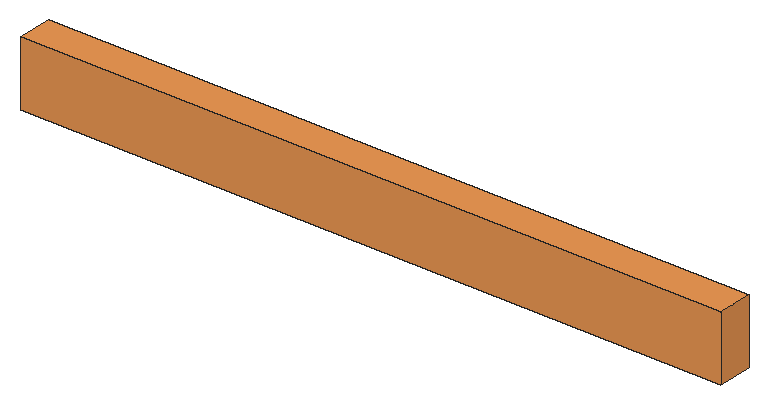
Revit family "BUS_Straight Length", category Electrical Equipment, Revit 2025
Family settings
  Panel Configuration = Two Columns, Circuits Across
  Round Connector Dimension = Use Diameter
  Part Type = Panelboard
  OmniClass Number = 23.80.30.11.17
  OmniClass Title = Distribution Boards and Control Panels
  Work Plane-Based = No
  Always vertical = Yes
  Cut with Voids When Loaded = No
  Maintain Annotation Orientation = No
  Shared = No
  Room Calculation Point = No
Parameters (values of type "1600A Cu 4P+PE")
  built-in parameter 1140142 [instance] = -1
  Section Length [instance] = 3000 mm
  Rated Current = "1600 A"
  built-in parameter 1140140 [instance] = 1 (stored number, unit not read)
  built-in parameter 1155100 [instance] = -1
  Default Elevation = 0 mm
  Conductor = "Cu, 4P+PE (3P+N+PE)"
  Busduct Width = 150 mm
  Busduct Height = 280 mm
Types (3, lengths in mm): name | Rated Current | Busduct Width | Busduct Height
  1600A Cu 4P+PE | "1600 A" | 150 | 280
  800A Cu 4P+PE | "800 A" | 130 | 200
  400A Cu 4P+PE | "400 A" | 110 | 140
Reference planes
  plane 1 "Center (Front/Back)": y = 0
  plane 2: z = 0
  plane 3 "Center (Left/Right)": x = 0
  plane 4 "End": x = 3000
  plane 5 "Front": y = -75
  plane 6 "Back": y = 75
  plane 7 "Bottom": z = -140
  plane 8 "Top": z = 140
Forms (mm)
  Extrusion 1, solid, material "Busduct Housing"
    sketch origin (0, 0, -140) x (1, 0, 0) y (0, 1, 0)
      loop
        line (0, -75) -> (3000, -75) -> (3000, 75) -> (0, 75) -> (0, -75)
    from 0 to 280
Dimensions and locks
  "Section Length": plane 3 "Center (Left/Right)" to plane 4 "End"
  equal spacing: plane 5 "Front", plane 1 "Center (Front/Back)", plane 6 "Back"
  "Busduct Width": plane 5 "Front" to plane 6 "Back"
  equal spacing: plane 7 "Bottom", level, plane 8 "Top"
  "Busduct Height": plane 7 "Bottom" to plane 8 "Top"
  aligned and locked: level to plane 2
  aligned and locked: Extrusion 1 to plane 8 "Top"
  aligned and locked: plane 7 "Bottom" to Extrusion 1
  aligned and locked: Extrusion 1 to plane 4 "End"
  aligned and locked: Extrusion 1 to plane 6 "Back"
  aligned and locked: Extrusion 1 to plane 3 "Center (Left/Right)"
  aligned and locked: Extrusion 1 to plane 5 "Front"
Automatic sketch dimensions
  Extrusion 1 sketch curve to plane 3 "Center (Left/Right)" = 0 mm
  Extrusion 1 sketch curve to plane 4 "End" = 0 mm
  Extrusion 1 sketch curve to plane 5 "Front" = 0 mm
  Extrusion 1 sketch curve to plane 6 "Back" = 0 mm
